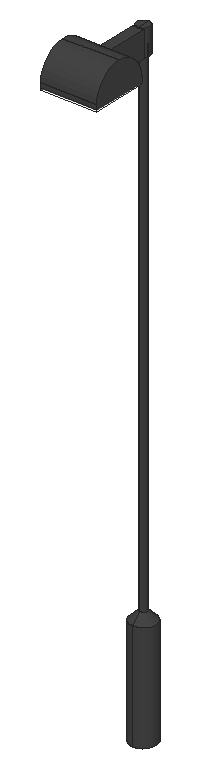
Revit family
Parameters
  Wattage = 250 W
  built-in parameter 1150110 = 1 (stored number, unit not read)
  built-in parameter 1114217 = 1 (stored number, unit not read)
  built-in parameter 1150109 = 1 (stored number, unit not read)
  built-in parameter 1150134 = 3
  built-in parameter 1150113 = 1 (stored number, unit not read)
  Material Post = Metal - Black
  Material Lamp Glazing = Glass - White Frosted
  built-in parameter 1150105 = 1432.4 (stored number, unit not read)
  Lumens = 4500 lm
  built-in parameter 1150115 = 1 (stored number, unit not read)
  Light Source Symbol Size = 609.6 mm
  built-in parameter 1150137 = (empty or 0)
  built-in parameter 1150139 = (empty or 0)
  built-in parameter 1150112 = 1 (stored number, unit not read)
  built-in parameter 1150114 = 1 (stored number, unit not read)
  built-in parameter 1150132 = (empty or 0)
  built-in parameter 1150102 = (empty or 0)
  built-in parameter 1150107 = 3200 (stored number, unit not read)
  built-in parameter 1150138 = (empty or 0)
  built-in parameter 1150106 = 14.324 (stored number, unit not read)
  Fixture Height = 3000 mm
  built-in parameter 1150104 = 1.6723 (stored number, unit not read)
  Dimming Lamp Color Temperature Shift = (empty or 0)
  Color Filter = 16777215
  Base Height = 500 mm
  built-in parameter 1114218 = 1 (stored number, unit not read)
  built-in parameter 1150133 = 10 (stored number, unit not read)
Reference planes
  plane 1 "Light Source Axis (F/B)": y = 0
  plane 2: z = 0
  plane 3 "Light Source Axis (L/R)": x = 0
  plane 4 "Fixture Top": z = 3000
  plane 5 "Light Source Elevation": z = 2845
  plane 6: y = -302
Forms (mm)
  Revolve 1, solid, material "Metal - Black" <- "Material Post"
    sketch origin (0, 0, 0) x (0, -1, 0) y (0, 0, 1)
      loop
        line (0, 0) -> (0, 2956.111) -> (-17.574, 2956.111) -> (-17.574, 542.426) -> (-60, 500) -> (-60, 0) -> (0, 0)
      axis (0, 0) -> (0, 2956.111)
    angle from 0 to 360
  Revolve 2, solid, material "Metal - Black" <- "Material Post"
    sketch origin (0, 0, 20) x (0, -1, 0) y (0, 0, 1)
      loop
        line (0, 2956.111) -> (0, 2836.111) -> (30, 2836.111) -> (30, 2956.111) -> (0, 2956.111)
      axis (0, 2836.111) -> (0, 2956.111)
    angle from 0 to 360
  Extrusion 3, solid, material "Metal - Black" <- "Material Post"
    sketch origin (130, 0, 0) x (0, -1, 0) y (0, 0, 1)
      loop
        line (432, 2855) -> (432, 2875)
        arc (432, 2875) -> (393.924, 2966.924) -> (302, 3005) r 130
        arc (302, 3005) -> (210.076, 2966.924) -> (172, 2875) r 130
        line (172, 2875) -> (172, 2855) -> (432, 2855)
    from 0 to 260
  Extrusion 4, solid, material "Glass - White Frosted" <- "Material Lamp Glazing"
    sketch origin (130, 0, 0) x (0, -1, 0) y (0, 0, 1)
      loop
        line (432, 2845) -> (432, 2855) -> (172, 2855) -> (172, 2845) -> (432, 2845)
    from 0 to 260
  Extrusion 5, solid, material "Metal - Black" <- "Material Post"
    sketch origin (25, 0, 0) x (0, 1, 0) y (0, 0, 1)
      loop
        arc (-220.29, 2976.111) -> (-184.692, 2931.025) -> (-172, 2875) r 130
        line (-172, 2875) -> (-172, 2856.111) -> (-30, 2856.111) -> (-30, 2976.111) -> (-220.29, 2976.111)
    from 0 to -50
Dimensions and locks
  "Base Height": Revolve 1 sketch curve to Revolve 1 sketch curve
  "Fixture Height": plane 4 "Fixture Top" to plane 2
  locked: plane 6 to plane 1 "Light Source Axis (F/B)" at 302
  locked: plane 4 "Fixture Top" to plane 5 "Light Source Elevation" at 155
  aligned and locked: plane 6 to imposter light  (x2)
  aligned and locked: plane 3 "Light Source Axis (L/R)" to imposter light
  aligned and locked: plane 5 "Light Source Elevation" to imposter light
  aligned and locked: plane 5 "Light Source Elevation" to Extrusion 4
Automatic sketch dimensions
  Revolve 1 sketch curve to level = 0 mm
  Revolve 1 sketch curve to Revolve 1 sketch curve = 271.696 mm
  Revolve 1 sketch curve to Revolve 1 sketch curve = 42.426 mm
  plane 4 "Fixture Top" to Revolve 1 sketch curve = 43.889 mm
  Revolve 1 sketch curve to plane 4 "Fixture Top" = 1165.289 mm
  Revolve 1 sketch curve to Revolve 1 sketch curve = 17.574 mm
  plane 4 "Fixture Top" to Revolve 2 sketch curve = 143.889 mm
  plane 4 "Fixture Top" to Revolve 2 sketch curve = 23.889 mm
  Revolve 2 sketch curve to Revolve 2 sketch curve = 0 mm
  Revolve 2 sketch curve to plane 4 "Fixture Top" = 376.111 mm
  Revolve 1 sketch curve to plane 1 "Light Source Axis (F/B)" = 0 mm  (x2)
  Revolve 1 sketch curve to plane 1 "Light Source Axis (F/B)" = 60 mm
  Revolve 2 sketch curve to plane 1 "Light Source Axis (F/B)" = 0 mm  (x2)
  plane 1 "Light Source Axis (F/B)" to Revolve 2 sketch curve = 30 mm
  plane 4 "Fixture Top" to Extrusion 3 sketch curve = 125 mm
  plane 1 "Light Source Axis (F/B)" to Extrusion 3 sketch curve = 432 mm
  Extrusion 3 sketch curve to plane 4 "Fixture Top" = 5 mm
  Extrusion 3 sketch curve to Extrusion 3 sketch curve = 0 mm
  Extrusion 3 sketch curve to Extrusion 3 sketch curve = 20 mm
  plane 1 "Light Source Axis (F/B)" to Extrusion 4 sketch curve = 432 mm
  plane 1 "Light Source Axis (F/B)" to Extrusion 4 sketch curve = 172 mm
  plane 4 "Fixture Top" to Extrusion 4 sketch curve = 145 mm
  Extrusion 4 sketch curve to Extrusion 4 sketch curve = 10 mm
  plane 1 "Light Source Axis (F/B)" to Extrusion 5 sketch curve = 302 mm
  plane 4 "Fixture Top" to Extrusion 5 sketch curve = 23.889 mm
  Extrusion 5 sketch curve to Extrusion 5 sketch curve = 81.71 mm
  Extrusion 5 sketch curve to Extrusion 5 sketch curve = 48.29 mm
  plane 1 "Light Source Axis (F/B)" to Extrusion 5 sketch curve = 30 mm
  Extrusion 5 sketch curve to Extrusion 5 sketch curve = 120 mm
